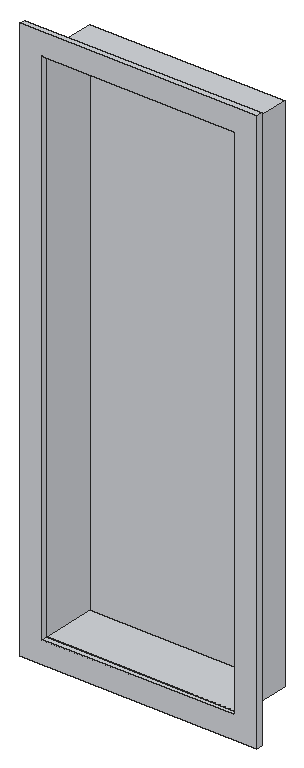
Revit family "Hager-VOLTA-Flush_mounted-IP30-Without_Cover-With_DIN-NoHosted-DE-de", category Electrical Equipment, Revit 2023
Family settings
  Panel Configuration = Two Columns, Circuits Across
  Round Connector Dimension = Use Diameter
  Part Type = Panelboard
  Work Plane-Based = Yes
  Always vertical = Yes
  Cut with Voids When Loaded = No
  Maintain Annotation Orientation = No
  Shared = No
  Room Calculation Point = No
Parameters (values of type "VOLTA-Flush_mounted_W348_H880_D98_12_Modular_Spacing-VU60NKM")
  Width Control [instance] = if([HG000006-Flush mounted], if([EF000846 - Einbaubreite] > min_whd, [EF000846 - Einbaubreite], min_whd), if([EF000008 - Breite] > min_whd, ([EF000008 - Breite]), min_whd))  # 314.5 mm
  Void Depth [instance] = if([EF000218 - Einbautiefe] > 1 mm, [EF000218 - Einbautiefe], 1 mm)  # 89 mm
  Uniformat code = "D501001"
  Uniformat = "Low Tension Service & Dist."
  Référence = ""
  HGEF0002950-Breite in Teilungseinheiten = 12
  HGEF000266-Anzahl der Reihen = 0
  HG000131 - Funktionell label [instance] = ""
  HG000130 - Functional name [instance] = ""
  HG000099-Onfly Template ID-de-DE = "507532"
  HG000059 - Betriebsspannung [instance] = 230 V
  HG000017-Distanz zwischen den Polen = 18 mm
  HG000016-3D-Türsichtbarkeit = yes
  HG000015-Sichtbarkeit der Türöffnung = yes
  HG000014-Tür rechts = yes
  HG000013-Tür links = no
  HG000012-Türschwenkwinkel = 90.00°
  HG000011-Leere Reihen von unten = no
  HG000010-Asymmetrische Türen = no
  HG000009-Doppelflügeligen Tür = no
  HG000008-Anzahl der leeren Reihen = 0
  HG000007-Anzahl der leeren Spalten = 0
  HG000005-Dicke = 2 mm
  HG000004-Herstellerreferenz = "VU60NKM"
  HG000003-Bereich = "VOLTA"
  HG000002-Mit tür = no
  HG000001-Anzahl der Spalten = 0
  ETIM class name = "Small distribution board"
  ETIM class code = "EC000214"
  EF015941 - Signaldurchlassende Tür = no
  EF015777 - Neutralleiterklemmenblock = no
  EF015776 - Erdungsklemmenblock = no
  EF009212 - Ausführung Deckel = "geschlossen"
  EF006306 - Mit Schloss = no
  EF006244 - Transparenter Deckel/Tür = no
  EF005474 - Schutzart (IP) = "IP30"
  EF004464 - Art der Tür = ""
  EF004462 - Art der Schließung = "sonstige"
  EF002950 - Breite in Teilungseinheiten = 12
  EF001596 - Werkstoff des Gehäuses = ""
  EF001134 - DIN-Schiene = yes
  EF001131 - Innentiefe = 0 mm
  EF001088 - Anbaumöglichkeit = yes
  EF001062 - EMV-Ausführung = no
  EF000846 - Einbaubreite = 314.5 mm
  EF000339 - Art der Abdeckung = ""
  EF000332 - Einbauhöhe = 845 mm
  EF000266 - Anzahl der Reihen = 0
  EF000218 - Einbautiefe = 89 mm
  EF000118 - Mit Montageplatte = yes
  EF000116 - RAL-Nummer = 7035
  EF000049 - Tiefe = 98 mm
  EF000040 - Höhe = 880 mm
  EF000024 - UV-beständig = no
  EF000008 - Breite = 348 mm
  EF000007 - Farbe = "grau"
  EF000003 - Montageart = "Unterputz"
  Type Comments = ""
  System Height [instance] = Height Control - 2 * [HG000005-Dicke]  # 841 mm
  Reference description = ""
  Reference = "VOLTA-Flush_mounted_W348_H880_D98_12_Modular_Spacing-VU60NKM"
  Panel Name [instance] = ""  # (empty or 0)
  Offset [instance] = 0 mm
  Object type = ""
  Name hager = "ADD_Enclosures_EC000214"
  Name BIM&CO = "Electricity"
  Name = "VOLTA-Flush_mounted-IP30-Without_Cover-With_DIN-DE"
  Model = ""
  Level Offset [instance] = [Flush Mounted - Door Frame Width] + Offset  # 35 mm
  HG000060-RAL-number = "7035"
  HG000006-Flush mounted = yes
  GTIN (Global Trade Item Number) = ""
  Description = ""
  Default Elevation = 1200 mm
  Creation Date = "12/15/2025 21:44:15"
  Code hager = "ADD-EC000214_EU"
  Code Uniformat = ""
  BIM&CO code = ""
  BC_VARIANT_ID = "1174310"
  BC_OBJECT_VERSION = "#3"  # constant formula
  BC_OBJECT_ID = "513476"  # constant formula
  BC_MODEL_ID = "1547168"  # constant formula
  BC_METADATA = "{\"ObjectGuid\":\"bc35c96e-cb38-443e-833d-0616858cb9ac\",\"ModelGuid\":\"8af03f69-2293-4735-a617-cc53adf55621\",\"VariantGuid\":\"8b6e323b-1b53-409a-a940-11b5a7fc5337\",\"Revision\":\"#4\",\"VariantName\":\"Template-Enclosure_EU-EC000214\"}"
  Arrow Offset [instance] = Depth Control / 8  # 11.125 mm
  Arrow Height [instance] = Depth Control - Arrow Offset  # 77.875 mm
  Host Offset [instance] = if([HG000006-Flush mounted], 0 mm, [EF000049 - Tiefe])  # 0 mm
  min_whd [instance] = (2 * [HG000005-Dicke]) + 1 mm  # 5 mm
  Manufacturer = "Hager"  # constant formula
  Height Control [instance] = if([HG000006-Flush mounted], if([EF000332 - Einbauhöhe] > min_whd, [EF000332 - Einbauhöhe], min_whd), if([EF000040 - Höhe] > min_whd, ([EF000040 - Höhe]), min_whd))  # 845 mm
  Flush Mounted - Door Frame Width [instance] = if(([EF000040 - Höhe] - [EF000332 - Einbauhöhe]) > 0 mm, if([HG000006-Flush mounted], [EF000040 - Höhe] - [EF000332 - Einbauhöhe], 0 mm), 0 mm)  # 35 mm
  Depth Control [instance] = if([HG000006-Flush mounted], if([EF000218 - Einbautiefe] > 0 mm, [EF000218 - Einbautiefe], 1 mm), if([EF000049 - Tiefe] > 0 mm, ([EF000049 - Tiefe]), 1 mm))  # 89 mm
Types (3, lengths in mm): name | HG000004-Herstellerreferenz | EF004462 - Art der Schließung | EF000332 - Einbauhöhe | EF000040 - Höhe | System Height | Reference | BC_VARIANT_ID | Height Control
  VOLTA-Flush_mounted_W348_H630_D98_12_Modular_Spacing-VU36NKM | "VU36NKM" | "" | 595 | 630 | 591 | "VOLTA-Flush_mounted_W348_H630_D98_12_Modular_Spacing-VU36NKM" | "1174307" | 595
  VOLTA-Flush_mounted_W348_H755_D98_12_Modular_Spacing-VU48NKM | "VU48NKM" | "" | 720 | 755 | 716 | "VOLTA-Flush_mounted_W348_H755_D98_12_Modular_Spacing-VU48NKM" | "1174309" | 720
  VOLTA-Flush_mounted_W348_H880_D98_12_Modular_Spacing-VU60NKM | "VU60NKM" | "sonstige" | 845 | 880 | 841 | "VOLTA-Flush_mounted_W348_H880_D98_12_Modular_Spacing-VU60NKM" | "1174310" | 845
Reference planes
  plane 1 "Center (Front/Back)": y = 0
  plane 2: z = 0
  plane 3 "Center (Left/Right)": x = 0
  plane 4: y = 37
  plane 5: y = 89
  plane 6: y = 35
  plane 7: z = 0
  plane 8: x = -157.25
  plane 9: x = 157.25
  plane 10: x = 155.25
  plane 11: x = -155.25
  plane 12: z = 35
  plane 13: z = 37
  plane 14: y = 5
  plane 15: y = 0
  plane 16: y = 87
  plane 17: z = 878
  plane 18: z = 880
  plane 19: z = 457.5
  plane 20: x = 0
  plane 21: y = -100
  plane 22 "Annotation H": y = -300
  plane 23 "Annotation V": x = 357.25
Forms (mm)
  Extrusion 1, solid
    sketch origin (-208.679, -4572, 35) x (-1, 0, 0) y (0, -1, 0)
      loop
        line (-51.429, -4572) -> (-365.929, -4572) -> (-365.929, -4661) -> (-51.429, -4661) -> (-51.429, -4572)
    from 0 to 845 <- "Height Control"
  Extrusion 2, void
    sketch origin (-350.771, 0, 1219.2) x (1, 0, 0) y (0, 0, 1)
      loop
        line (195.521, -341.2) -> (195.521, -1182.2) -> (506.021, -1182.2) -> (506.021, -341.2) -> (195.521, -341.2)
    from 0 to -87
  Extrusion 3, solid, detail levels coarse+medium
    sketch origin (-350.771, 0, 1219.2) x (-1, 0, 0) y (0, 0, 1)
      loop
        line (-195.521, -341.2) -> (-506.021, -341.2) -> (-506.021, -1182.2) -> (-195.521, -1182.2) -> (-195.521, -341.2)
    from 0 to 2 <- "HG000005-Dicke"
Cuts and joins
  Extrusion 2 cuts Extrusion 1
Dimensions and locks
  "Flush Mounted - Door Frame Width": plane 1 "Center (Front/Back)" to plane 6
  "HG000005-Dicke": plane 4 to plane 6
  "HG000005-Dicke": plane 8 to plane 11
  "HG000005-Dicke": plane 9 to plane 10
  equal spacing: plane 8, plane 3 "Center (Left/Right)", plane 9
  "Width Control": plane 8 to plane 9
  locked: plane 14 to plane 15 at 5
  "Host Offset": plane 1 "Center (Front/Back)" to plane 15
  "Depth Control": plane 5 to plane 15
  "HG000005-Dicke": plane 5 to plane 16
  "HG000005-Dicke": plane 13 to plane 12
  "Level Offset": plane 12 to level
  "HG000005-Dicke": plane 18 to plane 17
  "Height Control": plane 18 to plane 12
  "Arrow Offset": plane 5 to nested 4
  equal spacing: plane 18, plane 19, plane 12
  locked: connector elem to plane 19
  locked: connector elem to plane 3 "Center (Left/Right)"
  Extrusion 2 sketch curve to Extrusion 2 sketch curve to plane 9 = 310.5 mm, 2 mm
  locked: plane 9 to plane 23 "Annotation V" at 200
  locked: plane 22 "Annotation H" to plane 1 "Center (Front/Back)" at 300
  aligned and locked: nested 1 to plane 14
  aligned and locked: plane 3 "Center (Left/Right)" to nested 1
  aligned and locked: plane 3 "Center (Left/Right)" to nested 2
  aligned and locked: nested 2 to plane 15
  aligned and locked: plane 5 to Extrusion 1
  aligned and locked: Extrusion 3 sketch curve to plane 17
  aligned and locked: Extrusion 3 sketch curve to plane 11
  aligned and locked: plane 13 to Extrusion 3 sketch curve
  aligned and locked: Extrusion 3 sketch curve to plane 10
  aligned and locked: plane 13 to Extrusion 2 sketch curve
  aligned and locked: Extrusion 2 sketch curve to plane 17
  aligned and locked: plane 16 to Extrusion 2
  aligned and locked: plane 5 to Extrusion 1 sketch curve
  aligned and locked: plane 9 to Extrusion 1 sketch curve
  aligned and locked: plane 8 to Extrusion 1 sketch curve
  aligned and locked: plane 8 to nested 4
  aligned and locked: plane 8 to nested 3
  aligned and locked: nested 3 to plane 5
  aligned and locked: Extrusion 1 sketch curve to plane 15
  aligned and locked: Extrusion 2 to plane 15
  aligned and locked: nested 5 to plane 22 "Annotation H"
  aligned and locked: plane 23 "Annotation V" to nested 5
  aligned and locked: plane 11 to Extrusion 2
  aligned and locked: plane 10 to Extrusion 2
Nested families
  nested 1: "Hager_Enclosure_System" at (0, 5, 37), Flush_Mounted <- "HG000006-Flush mounted", Height <- "System Height", Width_Control <- "Width Control", Built-in_Width <- "EF000846 - Einbaubreite", Width <- "EF000008 - Breite", Depth <- "HG000005-Dicke", Border <- "HG000005-Dicke", Distance_Between_Poles <- "HG000017-Distanz zwischen den Polen", Empty_Columns <- "HG000007-Anzahl der leeren Spalten", Total_No_Empty_Rows <- "HG000008-Anzahl der leeren Reihen", Empty_Rows_From_Bottom <- "HG000011-Leere Reihen von unten", Columns_Count <- "HG000001-Anzahl der Spalten", Rows_Count <- "HGEF000266-Anzahl der Reihen", Row_Module_Multiplicator <- "HGEF0002950-Breite in Teilungseinheiten", type "Hager_Enclosure_System", detail levels medium+fine
    with Width_Control 314.5 mm, Width 348 mm, Total_No_Rows 0, Total_No_Empty_Rows 0, Total_No_Columns 1, System_Width 310.5 mm, Rows_Count 0, Rows_Column 0, Row_Module_Multiplicator 12, Panel_4 no, Panel_3 no, Panel_2 no, Panel_1 no, No_Panels_Ctrl 1, Hide_Columns yes, Height 841 mm, Flush_Mounted yes, Empty_Rows_From_Bottom no, Empty_Rows_Column 0, Empty_Columns 0, Empty column 4 0, Empty column 3 0, Empty column 2 0, Empty column 1 0, Distance_Between_Poles 18 mm, Depth 2 mm, Columns_Count 0, Column_Width 310.5 mm, Built-in_Width 314.5 mm, Border 2 mm
  nested 2: "Hager_Enclosure_Door" at (0, 0, 35), Height_Ctrl <- "Height Control", Flush_Mounted <- "HG000006-Flush mounted", Width_Ctrl <- "Width Control", BuiltIn_Depth <- "EF000218 - Einbautiefe", Depth <- "EF000049 - Tiefe", BuiltIn_Width <- "EF000846 - Einbaubreite", Height <- "EF000040 - Höhe", BuiltIn_Height <- "EF000332 - Einbauhöhe", Width <- "EF000008 - Breite", Transparent <- "EF006244 - Transparenter Deckel/Tür", Border <- "HG000005-Dicke", Door <- "HG000002-Mit tür", Double <- "HG000009-Doppelflügeligen Tür", Assymetrical <- "HG000010-Asymmetrische Türen", Angle <- "HG000012-Türschwenkwinkel", Door_Left <- "HG000013-Tür links", Door_Right <- "HG000014-Tür rechts", Clearance <- "HG000015-Sichtbarkeit der Türöffnung", 3d_Door <- "HG000016-3D-Türsichtbarkeit", type "Hager_Enclosure_Door", detail levels medium+fine
    with min_wh 5 mm, Width_Ctrl 314.5 mm, Width 348 mm, Transparent_Door_No_Bottom_Border no, Transparent no, Leaf_Width 307.5 mm, Leaf_Tolerance 1.5 mm, Leaf_Height 838 mm, Leaf_2_Width 307.5 mm, Leaf_2_Offset 153.75 mm, Leaf_1_Width 307.5 mm, Leaf_1_Offset 153.75 mm, Height_Ctrl 845 mm, Height 880 mm, Frame_Width_Ctrl 33.5 mm, Frame_Width 33.5 mm, Frame_Internal_Offset 2 mm, Frame_Height_Ctrl 35 mm, Frame_Height 35 mm, Frame_Depth_Ctrl 9 mm, Frame_Depth 9 mm, Flush_Mounted yes, Double_Clearance_Ctrl no, Double no, Door_Right_Ctrl no, Door_Right yes, Door_Left_Ctrl no, Door_Left no, Door no, Depth 98 mm, Clearance_Depth 307.5 mm, Clearance_Ctrl yes, Clearance yes, BuiltIn_Width 314.5 mm, BuiltIn_Height 845 mm, BuiltIn_Depth 89 mm, Border 2 mm, Assymetrical no, Angle 90.00°, 3d_Door yes
  nested 3: "Hager_Enclosure_Symbol_Triangle" at (-157.25, 89, 0), Depth <- "Depth Control", Width <- "Width Control", type "Hager_Enclosure_Symbol_Triangle"
    with Width_Ctrl 314.5 mm, Width 314.5 mm, Depth_Ctrl 89 mm, Depth 89 mm
  nested 4: "Hager_Enclosure_Symbol_Arrow" at (-157.25, 77.875, 0), Height <- "Arrow Height", type "Hager_Enclosure_Symbol_Arrow"
    with Width_Inside 5.841 mm, Width 70.087 mm, Height_Ctrl 77.875 mm, Height 77.875 mm
  nested 5: "Hager_Annotation-HG000130" at (357.25, -300, 0), HG000130 - Functional name <- "HG000130 - Functional name", type "Hager_Annotation-HG000130"
    with HG000130 - Functional name ""
Connectors
  electrical at (0, 89, 457.5), driven by "HG000059 - Betriebsspannung"
    settings: on plane 5, index 1, voltage 230 V, apparent load 0 VA, apparent load phase1 0 VA, apparent load phase2 0 VA, apparent load phase3 0 VA, power factor 1, load classification "Other", number of poles 1, system type 30, power factor state 1, is connector primary yes, connector utility no, sub classification motor no, connector description ""
Definition of nested family "Hager_Enclosure_Door"
  Parameters (values of type "Hager_Enclosure_Door")
    min_wh [instance] = (2 * Border) + 1 mm  # 11 mm
    Width_Ctrl [instance] = 400 mm
    Width [instance] = 500 mm
    Transparent_Door_No_Bottom_Border [instance] = no
    Transparent [instance] = yes
    Leaf_Width [instance] = if((Width_Ctrl - 2 * Border - 2 * Leaf_Tolerance) > 0 mm, (Width_Ctrl - 2 * Border - 2 * Leaf_Tolerance), min_wh)  # 387 mm
    Leaf_Tolerance [instance] = 1.5 mm  # constant formula
    Leaf_Height [instance] = if((Height_Ctrl - 2 * Border - 2 * Leaf_Tolerance) > 0 mm, (Height_Ctrl - 2 * Border - 2 * Leaf_Tolerance), min_wh)  # 387 mm
    Leaf_2_Width [instance] = if(and(and(Double, Assymetrical), Door_Left), (Leaf_Width / 3) - (Leaf_Tolerance / 2), if(and(and(Double, Assymetrical), Door_Right), (Leaf_Width / 3) * 2 - (Leaf_Tolerance / 2), if(and(Double, not(Assymetrical)), (Leaf_Width / 2) - Leaf_Tolerance, Leaf_Width)))  # 387 mm
    Leaf_2_Offset [instance] = if(and(Double, Assymetrical), Leaf_2_Width / 2, if(and(Double, not(Assymetrical)), Leaf_Width / 4, Leaf_Width / 2))  # 193.5 mm
    Leaf_1_Width [instance] = if(and(and(Double, Assymetrical), Door_Right), (Leaf_Width / 3) - (Leaf_Tolerance / 2), if(and(and(Double, Assymetrical), Door_Left), (Width / 3) * 2 - (Leaf_Tolerance / 2), if(and(Double, not(Assymetrical)), (Leaf_Width / 2) - Leaf_Tolerance, Leaf_Width)))  # 387 mm
    Leaf_1_Offset [instance] = if(and(Double, Assymetrical), Leaf_1_Width / 2, if(and(Double, not(Assymetrical)), Leaf_Width / 4, Leaf_Width / 2))  # 193.5 mm
    Height_Ctrl [instance] = 400 mm
    Height [instance] = 500 mm
    Frame_Width_Ctrl [instance] = if(Frame_Width > 0 mm, Frame_Width, 1 mm)  # 1 mm
    Frame_Width [instance] = Width - BuiltIn_Width  # 0 mm
    Frame_Internal_Offset [instance] = if(Flush_Mounted, Border, 0 mm)  # 5 mm
    Frame_Height_Ctrl [instance] = if(Frame_Height > 0 mm, Frame_Height, 1 mm)  # 1 mm
    Frame_Height [instance] = Height - BuiltIn_Height  # 0 mm
    Frame_Depth_Ctrl [instance] = if(Frame_Depth > 0 mm, Frame_Depth, 1 mm)  # 1 mm
    Frame_Depth [instance] = if(Depth - BuiltIn_Depth > 0 mm, if(Flush_Mounted, Depth - BuiltIn_Depth, 0 mm), 0 mm)  # 0 mm
    Flush_Mounted [instance] = yes
    Double_Clearance_Ctrl [instance] = and(Double, Clearance)  # no
    Double [instance] = no
    Door_Right_Ctrl [instance] = and(or(Door_Right, Double), Door)  # yes
    Door_Right [instance] = yes
    Door_Left_Ctrl [instance] = and(or(Door_Left, Double), Door)  # no
    Door_Left [instance] = no
    Door [instance] = yes
    Depth [instance] = 500 mm
    Default Elevation = 1219.2 mm
    Clearance_Material = none
    Clearance_Depth [instance] = if(Leaf_1_Width > Leaf_2_Width, Leaf_1_Width, Leaf_2_Width)  # 387 mm
    Clearance_Ctrl [instance] = and(not(Double), Clearance)  # yes
    Clearance [instance] = yes
    BuiltIn_Width [instance] = 500 mm
    BuiltIn_Height [instance] = 500 mm
    BuiltIn_Depth [instance] = 500 mm
    Border [instance] = 5 mm
    Assymetrical [instance] = yes
    Angle [instance] = 30.00°
    3d_Door [instance] = yes
  Reference planes
    plane 1 "Center (Front/Back)": y = 0
    plane 2 "Bottom": z = 0
    plane 3 "Center (Left/Right)": x = 0
    plane 4: z = 400
    plane 5: x = -200
    plane 6: x = 200
    plane 7: z = 395
    plane 8: x = -195
    plane 9: z = 5
    plane 10: x = 195
    plane 11: y = 0
    plane 12: z = 6.5
    plane 13: x = -582
    plane 14: y = -387
    plane 15: x = 582
    plane 16: x = 0
    plane 17: x = 0
    plane 18: x = -193.5
    plane 19: x = 193.5
    plane 20: z = 393.5
  Forms (mm)
    Extrusion 1, solid, visible <- "Flush_Mounted"
      sketch origin (0, 0, 0) x (1, 0, 0) y (0, 0, 1)
        loop
          line (195, 5) -> (195, 395) -> (-195, 395) -> (-195, 5) -> (195, 5)
        loop
          line (-201, 401) -> (-201, -1) -> (201, -1) -> (201, 401) -> (-201, 401)
      from 0 to 1 <- "Frame_Depth_Ctrl"
    Extrusion 2, solid, material <- "Clearance_Material", visible <- "Double_Clearance_Ctrl"
      sketch origin (1200, 0, 0) x (1, 0, 0) y (0, 0, -1)
        loop
          line (-1782, -393.5) -> (-618, -393.5) -> (-618, 0) -> (-1782, 0) -> (-1782, -393.5)
      from 0 to -387
  Dimensions and locks
    equal spacing: plane 5, plane 3 "Center (Left/Right)", plane 6
    "Width_Ctrl": plane 5 to plane 6
    "Border": plane 5 to plane 8
    "Border": plane 6 to plane 10
    "Border": plane 9 to level
    "Border": plane 4 to plane 7
    "Height_Ctrl": plane 4 to level
    "Leaf_Tolerance": plane 12 to plane 9
    "Frame_Depth": plane 11 to plane 1 "Center (Front/Back)"
    "Frame_Width_Ctrl": plane 5 to Extrusion 1 sketch curve
    "Frame_Width_Ctrl": plane 6 to Extrusion 1 sketch curve
    "Frame_Width_Ctrl": Extrusion 1 sketch curve to plane 4
    "Frame_Width_Ctrl": plane 2 "Bottom" to Extrusion 1 sketch curve
    "Leaf_1_Offset": plane 18 to plane 16
    "Leaf_2_Offset": plane 17 to plane 19
    "Leaf_1_Width": plane 13 to plane 8
    "Leaf_2_Width": plane 10 to plane 15
    "Clearance_Depth": plane 14 to plane 1 "Center (Front/Back)"
    "Leaf_Tolerance": plane 8 to plane 18
    "Leaf_Tolerance": plane 19 to plane 10
    "Leaf_Tolerance": plane 7 to plane 20
    "Frame_Internal_Offset": plane 5 to Extrusion 1 sketch curve
    "Frame_Internal_Offset": Extrusion 1 sketch curve to plane 2 "Bottom"
    "Frame_Internal_Offset": plane 6 to Extrusion 1 sketch curve
    "Frame_Internal_Offset": plane 4 to Extrusion 1 sketch curve
    aligned and locked: level to plane 2 "Bottom"
    aligned and locked: nested 1 to plane 16
    aligned and locked: nested 2 to plane 17
    aligned and locked: Extrusion 2 to plane 13
    aligned and locked: plane 15 to Extrusion 2
    aligned and locked: Extrusion 2 to plane 14
    aligned and locked: plane 12 to nested 1
    aligned and locked: nested 2 to plane 12
    aligned and locked: Extrusion 2 to plane 11
    aligned and locked: plane 20 to Extrusion 2
    aligned and locked: nested 2 to plane 11
    aligned and locked: nested 1 to plane 11
  Automatic sketch dimensions
    Extrusion 2 sketch curve to level = 0 mm
    plane 5 to Extrusion 2 sketch curve = 382 mm
    plane 6 to Extrusion 2 sketch curve = 382 mm
    Extrusion 2 sketch curve to plane 4 = 6.5 mm
  Nested families
    nested 1: "Hager_Enclosure_Door_Leaf" at (0, 0, 6.5), Width <- "Leaf_1_Width", visible <- "Door_Left_Ctrl", Leaf_Height <- "Leaf_Height", Angle <- "Angle", Depth <- "Border", 3d_Door <- "3d_Door", Transparent <- "Transparent", Clearance Material <- "Clearance_Material", Clearance <- "Clearance_Ctrl", Transparent_Door_No_Bottom_Border <- "Transparent_Door_No_Bottom_Border", type "Hager_Enclosure_Door_Leaf"
      with Width 387 mm, Transparent_Door_No_Bottom_Border no, Transparent_Door_Border_Bottom_Top 25 mm, Transparent_Door_Border 25 mm, Transparent_Ctrl yes, Transparent yes, Standard no, Leaf_Height 387 mm, Glass_Offset 1 mm, Depth 5 mm, Clearance Material none, Clearance yes, Angle_Ctrl 30.00°, Angle 30.00°, 3d_Door yes
    nested 2: "Hager_Enclosure_Door_Leaf" at (0, 0, 6.5) x (-1, 0, 0) z (0, 0, 1), Width <- "Leaf_2_Width", visible <- "Door_Right_Ctrl", Leaf_Height <- "Leaf_Height", Angle <- "Angle", Depth <- "Border", 3d_Door <- "3d_Door", Transparent <- "Transparent", Clearance Material <- "Clearance_Material", Clearance <- "Clearance_Ctrl", Transparent_Door_No_Bottom_Border <- "Transparent_Door_No_Bottom_Border", type "Hager_Enclosure_Door_Leaf"
      with Width 387 mm, Transparent_Door_No_Bottom_Border no, Transparent_Door_Border_Bottom_Top 25 mm, Transparent_Door_Border 25 mm, Transparent_Ctrl yes, Transparent yes, Standard no, Leaf_Height 387 mm, Glass_Offset 1 mm, Depth 5 mm, Clearance Material none, Clearance yes, Angle_Ctrl 30.00°, Angle 30.00°, 3d_Door yes
  Definition of nested family "Hager_Enclosure_Door_Leaf"
    Parameters (values of type "Hager_Enclosure_Door_Leaf")
      Width [instance] = 2000 mm
      Transparent_Door_No_Bottom_Border [instance] = yes
      Transparent_Door_Border_Bottom_Top [instance] = if(Transparent_Door_No_Bottom_Border, 0.1 mm, Transparent_Door_Border)  # 0.1 mm
      Transparent_Door_Border [instance] = if(Transparent_Door_No_Bottom_Border, (Width * 0.12), 25 mm)  # 240 mm
      Transparent_Ctrl [instance] = and(Transparent, [3d_Door])  # yes
      Transparent [instance] = yes
      Standard [instance] = and(not(Transparent), [3d_Door])  # no
      Leaf_Height [instance] = 2720.336 mm
      Glass_Offset [instance] = if((Depth - 10 mm) / 2 > 0 mm, (Depth - 10 mm) / 2, 1 mm)  # 15 mm
      Glass_Material = none
      Depth [instance] = 40 mm
      Default Elevation = 0 mm
      Clearance Material [instance] = none
      Clearance [instance] = yes
      Angle_Ctrl [instance] = if(Angle > 170.00°, 170.00°, Angle)  # 45.00°
      Angle [instance] = 45.00°
      3d_Door [instance] = yes
    Reference planes
      plane 1 "Center (Front/Back)": y = 0
      plane 2: z = 0
      plane 3 "Center (Left/Right)": x = 0
      plane 4: y = 2000
      plane 5: x = -1000
      plane 6: x = 1000
      plane 7: x = -3000
      plane 8: z = 2720.336
      plane 9: z = 0.1
      plane 10: z = 2720.236
      plane 11: x = 760
      plane 12: x = -760
    Forms (mm)
      Extrusion 1, solid, material <- "Clearance Material", visible <- "Clearance"
        sketch origin (0, 0, 0) x (1, 0, 0) y (0, 0, 1)
          loop
            line (-3000, 2720.336) -> (-3000, 0) -> (1000, 0) -> (1000, 2720.336) -> (-3000, 2720.336)
        from 0 to -2000
      Extrusion 2, solid, visible <- "Standard", detail levels medium+fine
        sketch origin (-1000, 0, 0) x (0.707107, 0.707107, 0) y (-0.707107, 0.707107, 0)
          loop
            line (0, -40) -> (2000, -40) -> (2000, 0) -> (0, 0) -> (0, -40)
        from 0 to 2720.336 <- "Leaf_Height"
      Extrusion 3, solid, visible <- "Transparent_Ctrl", detail levels medium+fine
        sketch origin (-1000, 0, 0) x (0.707107, 0.707107, 0) y (-0.707107, 0.707107, 0)
          loop
            line (0, -40) -> (2000, -40) -> (2000, 0) -> (0, 0) -> (0, -40)
        from 0 to 2720.336 <- "Leaf_Height"
      Extrusion 4, void, detail levels medium+fine
        sketch origin (-1000, 0, 0) x (-0.707107, 0.707107, 0) y (0.707107, 0.707107, 0)
          loop
            line (0, 240) -> (0, 1760) -> (-40, 1760) -> (-40, 240) -> (0, 240)
        from -2720.236 to -0.1
      Extrusion 5, solid, material <- "Glass_Material", visible <- "Transparent_Ctrl", detail levels medium+fine
        sketch origin (-1000, 0, 0) x (0.707107, 0.707107, 0) y (-0.707107, 0.707107, 0)
          loop
            line (240, -15) -> (240, -25) -> (1760, -25) -> (1760, -15) -> (240, -15)
        from 0.1 to 2720.236
    Cuts and joins
      Extrusion 4 cuts Extrusion 3
    Lines and regions (mm)
      symbolic lines
        curve 1: line (1000, 0, 0) -> (-3000, 0, 0)
        curve 2: arc (1000, 0, 0) -> (-1000, 2000, 0) -> (-3000, 0, 0) r 2000
        curve 4: line (-1000, 0, 0) -> (414.214, 1414.214, 0)
      reference lines
        curve 3: line (-1000, 0, 0) -> (414.214, 1414.214, 0)
      symbolic lines, detail levels medium+fine
        curve 5: line (414.214, 1414.214, 0) -> (442.498, 1385.929, 0)
        curve 6: line (442.498, 1385.929, 0) -> (-971.716, -28.284, 0)
        curve 7: line (-971.716, -28.284, 0) -> (-1000, 0, 0)
        curve 8: line (-1000, 0, 2720.336) -> (1000, 0, 2720.336)
        curve 9: line (-1000, 0, 0) -> (-1000, 0, 2720.336)
        curve 10: line (1000, 0, 0) -> (-1000, 0, 0)
        curve 11: line (1000, 0, 2720.336) -> (1000, 0, 0)
      symbolic lines, visible <- "Transparent_Ctrl", detail levels medium+fine
        curve 12: line (-760, 0, 2720.236) -> (760, 0, 2720.236)
        curve 13: line (-760, 0, 0.1) -> (-760, 0, 2720.236)
        curve 14: line (760, 0, 0.1) -> (-760, 0, 0.1)
        curve 15: line (760, 0, 2720.236) -> (760, 0, 0.1)
    Dimensions and locks
      "Width": plane 1 "Center (Front/Back)" to plane 4
      equal spacing: plane 5, plane 3 "Center (Left/Right)", plane 6
      "Width": plane 5 to plane 6
      "Width": plane 7 to plane 5
      "Leaf_Height": plane 8 to level
      "Depth": curve 6 to curve 3
      "Width": curve 5 to curve 3
      "Width": curve 3 to curve 3
      "Transparent_Door_Border": Extrusion 4 sketch curve to curve 7
      "Transparent_Door_Border": Extrusion 4 sketch curve to curve 5
      "Transparent_Door_Border_Bottom_Top": plane 8 to plane 10
      "Transparent_Door_Border_Bottom_Top": plane 9 to level
      "Glass_Offset": Extrusion 5 sketch curve to curve 4
      "Glass_Offset": Extrusion 5 sketch curve to curve 6
      "Transparent_Door_Border": Extrusion 5 sketch curve to curve 5
      "Transparent_Door_Border": Extrusion 5 sketch curve to curve 7
      "Transparent_Door_Border": plane 12 to plane 5
      "Transparent_Door_Border": plane 6 to plane 11
      "Angle_Ctrl": angle plane 1 "Center (Front/Back)" to curve 3
      aligned and locked: level to plane 2
      aligned and locked: Extrusion 1 to curve 1
      aligned and locked: plane 6 to Extrusion 1
      aligned and locked: Extrusion 1 to plane 1 "Center (Front/Back)"
      aligned and locked: plane 4 to Extrusion 1
      aligned and locked: plane 8 to Extrusion 1
      aligned and locked: curve 4 to curve 3
      aligned and locked: Extrusion 2 sketch curve to curve 7
      aligned and locked: Extrusion 2 sketch curve to curve 6
      aligned and locked: Extrusion 2 sketch curve to curve 5
      aligned and locked: Extrusion 2 sketch curve to curve 3
      aligned and locked: curve 7 to Extrusion 3 sketch curve
      aligned and locked: Extrusion 3 sketch curve to curve 4
      aligned and locked: Extrusion 3 sketch curve to curve 6
      aligned and locked: Extrusion 3 sketch curve to curve 5
      aligned and locked: curve 4 to Extrusion 4 sketch curve
      aligned and locked: curve 6 to Extrusion 4 sketch curve
      aligned and locked: Extrusion 4 to plane 9
      aligned and locked: Extrusion 4 to plane 10
      aligned and locked: Extrusion 5 to plane 9
      aligned and locked: Extrusion 5 to plane 10
      aligned and locked: curve 8 to plane 8
      aligned and locked: plane 5 to curve 9
      aligned and locked: plane 2 to curve 10
      aligned and locked: curve 11 to plane 6
      aligned and locked: plane 10 to curve 12
      aligned and locked: plane 12 to curve 13
      aligned and locked: curve 14 to plane 9
      aligned and locked: plane 11 to curve 15
    Automatic sketch dimensions
      plane 1 "Center (Front/Back)" to curve 2 = 0 mm
      curve 2 to plane 5 = 0 mm
      Extrusion 1 sketch curve to level = 0 mm
      Extrusion 1 sketch curve to plane 7 = 0 mm
      Extrusion 1 sketch curve to plane 6 = 0 mm
      Extrusion 1 sketch curve to plane 8 = 0 mm
      plane 1 "Center (Front/Back)" to curve 3 = 0 mm
      curve 3 to plane 5 = 0 mm
      curve 7 to curve 3 = 0 mm
Definition of nested family "Hager_Enclosure_Symbol_Triangle"
  Parameters (values of type "Hager_Enclosure_Symbol_Triangle")
    Width_Ctrl [instance] = if(Width > 1 mm, Width, 1 mm)  # 498 mm
    Width [instance] = 498 mm
    Depth_Ctrl [instance] = if(Depth > 1 mm, Depth, 1 mm)  # 72 mm
    Depth [instance] = 72 mm
  Reference planes
    plane 1 "Centre (avant/arrière)": y = 0
    plane 2: z = 0
    plane 3 "Centre (gauche/droite)": x = 0
  Lines and regions (mm)
    Filled region 1, type "Solid_Black", in view "Niveau de réf."
      outline origin (0, 0, 0) x (1, 0, 0) y (0, 1, 0)
        loop
          line (0, 0) -> (498, 0) -> (498, 72) -> (0, 0)
    reference lines, in view "Niveau de réf."
      curve 1: line (-206.153, 72, 0) -> (1083.258, 72, 0)
      curve 2: line (498, 405.456, 0) -> (498, -517.619, 0)
  Dimensions and locks
    "Depth_Ctrl": plane 1 "Centre (avant/arrière)" to curve 1
    "Width_Ctrl": plane 3 "Centre (gauche/droite)" to curve 2
    aligned and locked: curve 1 to Filled region 1 sketch curve
    aligned and locked: Filled region 1 sketch curve to plane 1 "Centre (avant/arrière)"
    aligned and locked: curve 2 to Filled region 1 sketch curve
    aligned and locked: plane 3 "Centre (gauche/droite)" to Filled region 1 sketch curve
    aligned and locked: plane 1 "Centre (avant/arrière)" to Filled region 1 sketch curve
  Automatic sketch dimensions
    curve 1 to plane 3 "Centre (gauche/droite)" = 206.153 mm
    curve 2 to curve 1 = 585.258 mm
    plane 1 "Centre (avant/arrière)" to curve 2 = 517.619 mm
    curve 2 to plane 1 "Centre (avant/arrière)" = 405.456 mm
Definition of nested family "Hager_Enclosure_Symbol_Arrow"
  Parameters (values of type "Hager_Enclosure_Symbol_Arrow")
    Width_Inside [instance] = if(Width / 12 > 2 mm, Width / 12, 2 mm)  # 4.987 mm
    Width [instance] = if(Height_Ctrl * 0.9 > 2 mm, Height_Ctrl * 0.9, 2 mm)  # 59.85 mm
    Height_Ctrl [instance] = if(Height > 2 mm, Height, 2 mm)  # 66.5 mm
    Height [instance] = 66.5 mm
  Reference planes
    plane 1 "Centre (avant/arrière)": y = 0
    plane 2: z = 0
    plane 3 "Centre (gauche/droite)": x = 0
    plane 4: x = 59.85
    plane 5: y = 28.263
    plane 6: y = 38.238
    plane 7: y = 66.5
    plane 8: x = 29.925
    plane 9: y = 33.25
  Lines and regions (mm)
    Filled region 1, type "Solid_Black", in view "Niveau de réf."
      outline origin (0, 0, 0) x (1, 0, 0) y (0, 1, 0)
        loop
          line (59.85, 66.5) -> (37.929, 52.827) -> (51.846, 41.935) -> (59.85, 66.5)
    detail lines, in view "Niveau de réf."
      curve 1: line (0, 0, 0) -> (29.925, 38.238, 0)
      curve 2: line (29.925, 38.238, 0) -> (29.925, 28.263, 0)
      curve 3: line (29.925, 28.263, 0) -> (59.85, 66.5, 0)
  Dimensions and locks
    "Width": plane 3 "Centre (gauche/droite)" to plane 4
    "Height_Ctrl": plane 7 to plane 1 "Centre (avant/arrière)"
    equal spacing: plane 3 "Centre (gauche/droite)", plane 8, plane 4
    equal spacing: plane 7, plane 9, plane 1 "Centre (avant/arrière)"
    equal spacing: plane 6, plane 9, plane 5
    "Width_Inside": plane 6 to plane 9
    equal spacing: curve 3, Filled region 1 sketch curve, Filled region 1 sketch curve
    angle Filled region 1 sketch curve to curve 3 = 20.00°
    angle curve 3 to Filled region 1 sketch curve = 20.00°
    locked: curve 3 to Filled region 1 sketch curve (angle 90.00°)
  Automatic sketch dimensions
    plane 1 "Centre (avant/arrière)" to curve 1 = 0 mm
    curve 1 to plane 3 "Centre (gauche/droite)" = 0 mm
    curve 2 to plane 6 = 0 mm
    curve 3 to plane 8 = 0 mm
    curve 3 to plane 4 = 0 mm
    curve 2 to plane 5 = 0 mm
    curve 3 to plane 7 = 0 mm
    Filled region 1 sketch curve to plane 4 = 0 mm
    Filled region 1 sketch curve to plane 7 = 0 mm
Definition of nested family "Hager_Annotation-HG000130"
  Parameters (values of type "Hager_Annotation-HG000130")
    HG000130 - Functional name [instance] = ""
  Reference planes
    plane 1: y = 0
    plane 2: x = 0
  Lines and regions (mm)
    detail lines
      curve 1: line (-27.5, 10, 0) -> (27.5, 10, 0)
      curve 2: line (-27.5, -10, 0) -> (-27.5, 10, 0)
      curve 3: line (27.5, -10, 0) -> (-27.5, -10, 0)
      curve 4: line (27.5, 10, 0) -> (27.5, -10, 0)
  Text (mm)
    label "HG000130 - Functional name" at (0.16, 0.026, 0), shows "HG000130 - Functional name"
